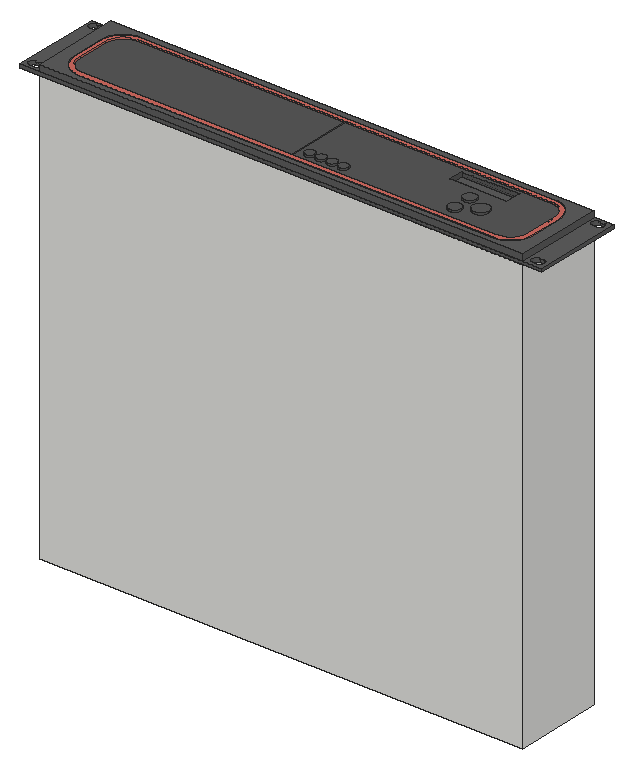
Revit family "Electronics_Amplifier_Biamp_Tesira_8-Channel-175W_AMP-8175R__", category Communication Devices, host Face, Revit 2020
Family settings
  Host = Face
  Maintain Annotation Orientation = No
  Round Connector Dimension = Use Diameter
  Part Type = Normal
  OmniClass Number = 23.85.10.11.14.14.17
  OmniClass Title = Sound Amplifiers
  Cut with Voids When Loaded = Yes
  Shared = No
  Room Calculation Point = No
Parameters (values of type "AMP-8175R")
  Width = 19.00"  # constant formula
  Weight = 20.60 lbf  # constant formula
  Voltage = 120 V
  URL = "https://www.biamp.com/"
  Temperature Range = "32 - 104° F (0 - 40° C)"  # constant formula
  THD+N = "20Hz-20kHz, at rated power: < 0.3%"  # constant formula
  Single Channel = "4 ohm, 8 ohm: 350W"  # constant formula
  Product data url = "https://www.bimobject.com/biamp/product/tesira-amp-8175r_amplifier"
  Product Page URL = "https://www.biamp.com/products/tesira-amplifiers#tesira-amp-8175r"
  Product Documentation Link = "https://downloads.biamp.com/assets/docs/default-source/data-sheets/biamp_data_sheet_tesira_amp-8175r_oct18.pdf"
  Power Factor = 1
  Optional Analog Cards = "Tesira EX-MOD cards: EIC-4, EIOC-4, EOC-4"  # constant formula
  Number of Poles = 1
  Number of Channels = "4"  # constant formula
  Model = "Tesira AMP-8175R"  # constant formula
  Minimum Operational Load = "2 ohm"  # constant formula
  Manufacturer = "Biamp"  # constant formula
  Humidity = "0-95% relative humidity (non-condensing)"  # constant formula
  Housing Material = Biamp - Metal - Silver
  Height = 3.50"  # constant formula
  Frequency Response = "± 1dB"  # constant formula
  Dynamic Range = "> 100dB"  # constant formula
  Dual AVB/TSN Input = "RJ-45 (CAT-5 or higher) inputs; primary and secondary"  # constant formula
  Description = "Tesira® AMP-8175R 8-Channel, 175W Amplifier"  # constant formula
  Depth = 17.39844"  # constant formula
  Default Elevation = 48.00"
  Current Draw = "5.5–2.3A"  # constant formula
  Current = 5.5 A
  Cooling = "Variable speed fan"  # constant formula
  Connector Description = "100-240VAC 50/60Hz"  # constant formula
  Compliance = "FCC Part 15B (USA) CE Marked (Europe) UL and C-UL listed (USA and Canada) RCM (Australia) EAC (Eurasian Customs Union) CCC (China) KCC (Korea) RoHS Directive (Europe)"  # constant formula
  Case = yes
  Bridged = "8 ohm: 700W"  # constant formula
  Balanced Input Impedance = "8 kohm"  # constant formula
  Assembly Code = ""
  Apparent Load = Current * Voltage  # 660 VA
  Altitude = "0-10,000 ft (0-3000m) MSL"  # constant formula
Reference planes (in)
  plane 1 "Center (Front/Back)": y = 0
  plane 2: z = 0
  plane 3 "Center (Left/Right)": x = 0
  plane 4: x = 19.76273
  plane 5: y = 1.43791
  plane 6: y = -1.52561
Forms (in)
  Extrusion 1, solid, material "Biamp - Metal - Silver" <- "Housing Material", visible <- "Case"
    sketch origin (9.88137, -1.79653, -8.32798) x (1, 0, 0) y (0, 0, -1)
      loop
        line (-9.5, 8.69922) -> (-9.5, -8.32798) -> (9.5, -8.32798) -> (9.5, 8.69922) -> (-9.5, 8.69922)
    from 0 to 3.5
  Extrusion 2, solid, material "Biamp - Metal - Black"
    sketch origin (9.88137, -1.79653, -8.32798) x (1, 0, 0) y (0, 0, -1)
      loop
        line (-9.5, -8.44922) -> (-9.5, -8.69922) -> (9.5, -8.69922) -> (9.5, -8.44922) -> (-9.5, -8.44922)
    from 0 to 3.5
  Extrusion 3, solid, material "Biamp - Metal - Black"
    sketch origin (9.88137, -1.79653, -8.32798) x (1, 0, 0) y (0, 1, 0)
      loop
        line (10.25, 3.5) -> (-10.25, 3.5) -> (-10.25, 0) -> (10.25, 0) -> (10.25, 3.5)
    from 8.32798 to 8.45
  Extrusion 4, void, detail levels medium+fine
    sketch origin (9.88137, -1.79653, -8.32798) x (1, 0, 0) y (0, 1, 0)
      loop
        arc (-9.7948, 3.07101) -> (-9.63137, 3.23444) -> (-9.7948, 3.39787) r 0.16343
        line (-9.7948, 3.39787) -> (-9.96794, 3.39787)
        arc (-9.96794, 3.39787) -> (-10.13137, 3.23444) -> (-9.96794, 3.07101) r 0.16343
        line (-9.96794, 3.07101) -> (-9.7948, 3.07101)
      loop
        arc (-9.96794, 0.43436) -> (-10.13137, 0.27093) -> (-9.96794, 0.1075) r 0.16343
        line (-9.96794, 0.1075) -> (-9.7948, 0.1075)
        arc (-9.7948, 0.1075) -> (-9.63137, 0.27093) -> (-9.7948, 0.43436) r 0.16343
        line (-9.7948, 0.43436) -> (-9.96794, 0.43436)
      loop
        arc (9.7948, 3.39787) -> (9.63137, 3.23444) -> (9.7948, 3.07101) r 0.16343
        line (9.7948, 3.07101) -> (9.96794, 3.07101)
        arc (9.96794, 3.07101) -> (10.13137, 3.23444) -> (9.96794, 3.39787) r 0.16343
        line (9.96794, 3.39787) -> (9.7948, 3.39787)
      loop
        arc (9.7948, 0.43436) -> (9.63137, 0.27093) -> (9.7948, 0.1075) r 0.16343
        line (9.7948, 0.1075) -> (9.96794, 0.1075)
        arc (9.96794, 0.1075) -> (10.13137, 0.27093) -> (9.96794, 0.43436) r 0.16343
        line (9.96794, 0.43436) -> (9.7948, 0.43436)
    from 8.32798 to 8.45
  Extrusion 5, solid, material "Biamp - Glass - Gray", detail levels medium+fine
    sketch origin (9.88137, -1.79653, -8.42105) x (1, 0, 0) y (0, 1, 0)
      loop
        line (7.01336, 2.93738) -> (4.76336, 2.93738) -> (4.76336, 2.31238) -> (7.01336, 2.31238) -> (7.01336, 2.93738)
    from 8.61104 to 8.74596
  Extrusion 6, solid, material "Biamp - Plastic - Black", detail levels medium+fine
    sketch origin (9.88137, -1.79653, -8.42105) x (1, 0, 0) y (0, 1, 0)
      loop
        circle (6.70697, 1.42245) r 0.30719
      loop
        circle (6.00161, 1.76362) r 0.25
      loop
        circle (6.01175, 1.00818) r 0.25
      loop
        circle (0.87632, 0.86436) r 0.18364
      loop
        circle (0.43882, 0.86436) r 0.18364
      loop
        circle (1.31382, 0.86436) r 0.18364
      loop
        circle (1.75132, 0.86436) r 0.18364
    from 8.74596 to 8.79228
  Extrusion 7, void
    sketch origin (0.38137, -1.79653, -17.0272) x (0, -1, 0) y (-1, 0, 0)
      loop
        line (-2.40764, -8.71853) -> (-2.40764, -9.63487) -> (-2.15764, -9.63487) -> (-2.15764, -8.71853) -> (-2.40764, -8.71853)
      loop
        line (-2.15764, -11.21853) -> (-2.65764, -11.21853) -> (-2.65764, -11.85362) -> (-2.15764, -11.85362) -> (-2.15764, -11.21853)
      loop
        line (-2.65764, -12.19152) -> (-2.65764, -12.82661) -> (-2.15764, -12.82661) -> (-2.15764, -12.19152) -> (-2.65764, -12.19152)
      loop
        line (-2.65764, -13.44152) -> (-2.65764, -14.07661) -> (-2.15764, -14.07661) -> (-2.15764, -13.44152) -> (-2.65764, -13.44152)
      loop
        line (-1.4216, -17.20698) -> (-1.4216, -18.58198) -> (-0.4841, -18.58198) -> (-0.4841, -17.20698) -> (-1.4216, -17.20698)
      loop
        line (-0.9841, -12.19152) -> (-0.9841, -12.82661) -> (-0.4841, -12.82661) -> (-0.4841, -12.19152) -> (-0.9841, -12.19152)
      loop
        line (-0.9841, -8.94152) -> (-0.9841, -9.57661) -> (-0.4841, -9.57661) -> (-0.4841, -8.94152) -> (-0.9841, -8.94152)
      loop
        line (-0.9841, -5.41027) -> (-0.9841, -6.04536) -> (-0.4841, -6.04536) -> (-0.4841, -5.41027) -> (-0.9841, -5.41027)
      loop
        line (-0.9841, -2.25402) -> (-0.9841, -2.88911) -> (-0.4841, -2.88911) -> (-0.4841, -2.25402) -> (-0.9841, -2.25402)
      loop
        line (-2.84514, -5.05061) -> (-2.84514, -4.35303) -> (-3.28264, -4.35303) -> (-3.28264, -5.05061) -> (-2.84514, -5.05061)
      loop
        line (-2.84514, -4.26512) -> (-2.84514, -3.56754) -> (-3.28264, -3.56754) -> (-3.28264, -4.26512) -> (-2.84514, -4.26512)
      loop
        line (-2.84514, -3.16358) -> (-2.84514, -2.466) -> (-3.28264, -2.466) -> (-3.28264, -3.16358) -> (-2.84514, -3.16358)
      loop
        line (-2.84514, -1.68051) -> (-3.28264, -1.68051) -> (-3.28264, -2.3781) -> (-2.84514, -2.3781) -> (-2.84514, -1.68051)
      loop
        line (-3.28264, -8.92741) -> (-3.28264, -9.625) -> (-2.84514, -9.625) -> (-2.84514, -8.92741) -> (-3.28264, -8.92741)
      loop
        line (-3.28264, -8.83951) -> (-2.84514, -8.83951) -> (-2.84514, -8.14192) -> (-3.28264, -8.14192) -> (-3.28264, -8.83951)
      loop
        line (-3.28264, -7.04039) -> (-3.28264, -7.73797) -> (-2.84514, -7.73797) -> (-2.84514, -7.04039) -> (-3.28264, -7.04039)
      loop
        line (-3.28264, -6.2549) -> (-3.28264, -6.95248) -> (-2.84514, -6.95248) -> (-2.84514, -6.2549) -> (-3.28264, -6.2549)
      loop
        line (-0.9841, -11.22277) -> (-0.9841, -11.85786) -> (-0.4841, -11.85786) -> (-0.4841, -11.22277) -> (-0.9841, -11.22277)
      loop
        line (-0.9841, -7.97277) -> (-0.9841, -8.60786) -> (-0.4841, -8.60786) -> (-0.4841, -7.97277) -> (-0.9841, -7.97277)
      loop
        line (-0.9841, -4.44152) -> (-0.9841, -5.07661) -> (-0.4841, -5.07661) -> (-0.4841, -4.44152) -> (-0.9841, -4.44152)
      loop
        line (-0.9841, -1.25402) -> (-0.9841, -1.88911) -> (-0.4841, -1.88911) -> (-0.4841, -1.25402) -> (-0.9841, -1.25402)
    from -0.15363 to 0
  Extrusion 8, solid, material "Biamp - Metal - Black", detail levels coarse
    sketch origin (9.88137, -1.79653, -8.32798) x (1, 0, 0) y (0, 0, -1)
      loop
        line (-9.5, -8.44922) -> (-9.5, -8.69922) -> (9.5, -8.69922) -> (9.5, -8.44922) -> (-9.5, -8.44922)
    from 0 to 3.5
  Extrusion 9, solid, material "Biamp - Metal - Black", detail levels coarse
    sketch origin (9.88137, -1.79653, -8.32798) x (1, 0, 0) y (0, 1, 0)
      loop
        line (-10.25, 3.5) -> (-10.25, 0) -> (10.25, 0) -> (10.25, 3.5) -> (-10.25, 3.5)
    from 8.32798 to 8.44922
  Extrusion 10, void
    sketch origin (0, 0, 0) x (1, 0, 0) y (0, 1, 0)
      loop
        line (17.98962, 1.46978) -> (1.77311, 1.46978)
        arc (1.77311, 1.46978) -> (1.14255, 1.20859) -> (0.88137, 0.57803) r 0.89175
        line (0.88137, 0.57803) -> (0.88137, -0.67041)
        arc (0.88137, -0.67041) -> (1.14255, -1.30097) -> (1.77311, -1.56216) r 0.89175
        line (1.77311, -1.56216) -> (17.98962, -1.56216)
        arc (17.98962, -1.56216) -> (18.62018, -1.30097) -> (18.88137, -0.67041) r 0.89175
        line (18.88137, -0.67041) -> (18.88137, 0.57803)
        arc (18.88137, 0.57803) -> (18.62018, 1.20859) -> (17.98962, 1.46978) r 0.89175
    from 0.37124 to 0.12124
  Extrusion 11, solid, material "Biamp - Plastic - Red", detail levels medium+fine
    sketch origin (0, 0, 0) x (1, 0, 0) y (0, 1, 0)
      loop
        arc (1.77311, 1.46978) -> (1.14255, 1.20859) -> (0.88137, 0.57803) r 0.89175
        line (0.88137, 0.57803) -> (0.88137, -0.67041)
        arc (0.88137, -0.67041) -> (1.14255, -1.30097) -> (1.77311, -1.56216) r 0.89175
        line (1.77311, -1.56216) -> (17.98962, -1.56216)
        arc (17.98962, -1.56216) -> (18.62018, -1.30097) -> (18.88137, -0.67041) r 0.89175
        line (18.88137, -0.67041) -> (18.88137, 0.57803)
        arc (18.88137, 0.57803) -> (18.62018, 1.20859) -> (17.98962, 1.46978) r 0.89175
        line (17.98962, 1.46978) -> (1.77311, 1.46978)
      loop
        line (18.71137, -0.67041) -> (18.71137, 0.57803)
        arc (18.71137, 0.57803) -> (18.49997, 1.08838) -> (17.98962, 1.29978) r 0.72175
        line (17.98962, 1.29978) -> (1.77311, 1.29978)
        arc (1.77311, 1.29978) -> (1.26276, 1.08838) -> (1.05137, 0.57803) r 0.72175
        line (1.05137, 0.57803) -> (1.05137, -0.67041)
        arc (1.05137, -0.67041) -> (1.26276, -1.18076) -> (1.77311, -1.39216) r 0.72175
        line (1.77311, -1.39216) -> (17.98962, -1.39216)
        arc (17.98962, -1.39216) -> (18.49997, -1.18076) -> (18.71137, -0.67041) r 0.72175
    from 0.37124 to 0.12202
  Extrusion 12, solid, material "Biamp - Plastic - Black", detail levels medium+fine
    sketch origin (0, 0, 0) x (1, 0, 0) y (0, 1, 0)
      loop
        line (9.95107, -1.39216) -> (17.98962, -1.39216)
        arc (17.98962, -1.39216) -> (18.49997, -1.18076) -> (18.71137, -0.67041) r 0.72175
        line (18.71137, -0.67041) -> (18.71137, 0.57803)
        arc (18.71137, 0.57803) -> (18.49997, 1.08838) -> (17.98962, 1.29978) r 0.72175
        line (17.98962, 1.29978) -> (9.95107, 1.29978) -> (9.95107, -1.39216)
      loop
        line (14.64473, 1.14084) -> (14.64473, 0.51584) -> (16.89473, 0.51584) -> (16.89473, 1.14084) -> (14.64473, 1.14084)
    from 0.12202 to 0.32491
  Extrusion 13, solid, material "Biamp - Plastic - Black(Grid)"
    sketch origin (0, 0, 0) x (1, 0, 0) y (0, 1, 0)
      loop
        line (1.05137, 0.57803) -> (1.05137, -0.67041)
        arc (1.05137, -0.67041) -> (1.26276, -1.18076) -> (1.77311, -1.39216) r 0.72175
        line (1.77311, -1.39216) -> (9.9046, -1.39216) -> (9.9046, 1.29978) -> (1.77311, 1.29978)
        arc (1.77311, 1.29978) -> (1.26276, 1.08838) -> (1.05137, 0.57803) r 0.72175
    from 0.12202 to 0.32491
Cuts and joins
  Extrusion 4 cuts Extrusion 3
  Extrusion 7 cuts Extrusion 1
  Extrusion 10 cuts Extrusion 2
Lines and regions (in)
  Masking region 1
    outline origin (0, 0, 0) x (1, 0, 0) y (0, 0, 1)
      loop
        line (-0.36863, 0) -> (0.38137, 0) -> (0.38137, -17.0272) -> (19.38137, -17.0272) -> (19.38137, 0) -> (20.13137, 0) -> (20.13137, 0.12124) -> (19.38137, 0.12124) -> (19.38137, 0.37124) -> (0.38137, 0.37124) -> (0.38137, 0.12124) -> (-0.36863, 0.12124) -> (-0.36863, 0)
  symbolic lines
    curve 1: line (-0.36863, 0, 0.12124) -> (20.13137, 0, 0.12124)
    curve 2: line (19.38137, 0, 0) -> (0.38137, 0, 0)
Dimensions and locks (in)
  aligned and locked: plane 2 to host face
  aligned and locked: level to host face
Connectors (in)
  electrical at (18.27585, -0.84368, -16.87357), driven by "Number of Poles", driven by "Voltage", driven by "Apparent Load", driven by "Power Factor", driven by "Connector Description"
    settings: on cut or joined group of Extrusion 1, Extrusion 7, index 1, voltage 120 V, apparent load 0 VA, apparent load phase1 660 VA, apparent load phase2 0 VA, apparent load phase3 0 VA, power factor 1, load classification "Other", number of poles 1, system type 31, power factor state 1, is connector primary yes, connector utility no, sub classification motor no, connector description "100-240VAC 50/60Hz"
  electrical at (14.14043, 0.6111, -16.87357)
    settings: on cut or joined group of Extrusion 1, Extrusion 7, index 2, voltage 0 V, apparent load 0 VA, apparent load phase1 0 VA, apparent load phase2 0 VA, apparent load phase3 0 VA, power factor 1, load classification "Other", number of poles 1, system type 5, power factor state 1, is connector primary no, connector utility no, sub classification motor no, connector description "RJ-45; Control"
  electrical at (12.89043, 0.6111, -16.87357)
    settings: on cut or joined group of Extrusion 1, Extrusion 7, index 3, voltage 0 V, apparent load 0 VA, apparent load phase1 0 VA, apparent load phase2 0 VA, apparent load phase3 0 VA, power factor 1, load classification "Other", number of poles 1, system type 5, power factor state 1, is connector primary no, connector utility no, sub classification motor no, connector description "RJ-45; AVB Primary"
  electrical at (11.91744, 0.6111, -16.87357)
    settings: on cut or joined group of Extrusion 1, Extrusion 7, index 4, voltage 0 V, apparent load 0 VA, apparent load phase1 0 VA, apparent load phase2 0 VA, apparent load phase3 0 VA, power factor 1, load classification "Other", number of poles 1, system type 5, power factor state 1, is connector primary no, connector utility no, sub classification motor no, connector description "RJ-45; AVB Secondary"
  electrical at (12.89043, -1.06243, -16.87357)
    settings: on cut or joined group of Extrusion 1, Extrusion 7, index 5, voltage 0 V, apparent load 0 VA, apparent load phase1 0 VA, apparent load phase2 0 VA, apparent load phase3 0 VA, power factor 1, load classification "Other", number of poles 1, system type 5, power factor state 1, is connector primary no, connector utility no, sub classification motor no, connector description "AMP Output; 8"
  electrical at (9.64043, -1.06243, -16.87357)
    settings: on cut or joined group of Extrusion 1, Extrusion 7, index 6, voltage 0 V, apparent load 0 VA, apparent load phase1 0 VA, apparent load phase2 0 VA, apparent load phase3 0 VA, power factor 1, load classification "Other", number of poles 1, system type 5, power factor state 1, is connector primary no, connector utility no, sub classification motor no, connector description "AMP Output; 6"
  electrical at (9.55806, 0.4861, -16.87357)
    settings: on cut or joined group of Extrusion 1, Extrusion 7, index 7, voltage 0 V, apparent load 0 VA, apparent load phase1 0 VA, apparent load phase2 0 VA, apparent load phase3 0 VA, power factor 1, load classification "Other", number of poles 1, system type 5, power factor state 1, is connector primary no, connector utility no, sub classification motor no, connector description "Logic I/O"
  electrical at (6.10918, -1.06243, -16.87357)
    settings: on cut or joined group of Extrusion 1, Extrusion 7, index 8, voltage 0 V, apparent load 0 VA, apparent load phase1 0 VA, apparent load phase2 0 VA, apparent load phase3 0 VA, power factor 1, load classification "Other", number of poles 1, system type 5, power factor state 1, is connector primary no, connector utility no, sub classification motor no, connector description "AMP Output; 4"
  electrical at (5.08319, 1.26735, -16.87357)
    settings: on cut or joined group of Extrusion 1, Extrusion 7, index 9, voltage 0 V, apparent load 0 VA, apparent load phase1 0 VA, apparent load phase2 0 VA, apparent load phase3 0 VA, power factor 1, load classification "Other", number of poles 1, system type 5, power factor state 1, is connector primary no, connector utility no, sub classification motor no, connector description "Analog Audio Input 4"
  electrical at (4.2977, 1.26735, -16.87357)
    settings: on cut or joined group of Extrusion 1, Extrusion 7, index 10, voltage 0 V, apparent load 0 VA, apparent load phase1 0 VA, apparent load phase2 0 VA, apparent load phase3 0 VA, power factor 1, load classification "Other", number of poles 1, system type 5, power factor state 1, is connector primary no, connector utility no, sub classification motor no, connector description "Analog Audio Input 3"
  electrical at (3.19616, 1.26735, -16.87357)
    settings: on cut or joined group of Extrusion 1, Extrusion 7, index 11, voltage 0 V, apparent load 0 VA, apparent load phase1 0 VA, apparent load phase2 0 VA, apparent load phase3 0 VA, power factor 1, load classification "Other", number of poles 1, system type 5, power factor state 1, is connector primary no, connector utility no, sub classification motor no, connector description "Analog Audio Input 2"
  electrical at (2.41067, 1.26735, -16.87357)
    settings: on cut or joined group of Extrusion 1, Extrusion 7, index 12, voltage 0 V, apparent load 0 VA, apparent load phase1 0 VA, apparent load phase2 0 VA, apparent load phase3 0 VA, power factor 1, load classification "Other", number of poles 1, system type 5, power factor state 1, is connector primary no, connector utility no, sub classification motor no, connector description "Analog Audio Input 1"
  electrical at (2.95293, -1.06243, -16.87357)
    settings: on cut or joined group of Extrusion 1, Extrusion 7, index 13, voltage 0 V, apparent load 0 VA, apparent load phase1 0 VA, apparent load phase2 0 VA, apparent load phase3 0 VA, power factor 1, load classification "Other", number of poles 1, system type 5, power factor state 1, is connector primary no, connector utility no, sub classification motor no, connector description "AMP Output; 2"
  electrical at (9.65757, 1.26735, -16.87357)
    settings: on cut or joined group of Extrusion 1, Extrusion 7, index 14, voltage 0 V, apparent load 0 VA, apparent load phase1 0 VA, apparent load phase2 0 VA, apparent load phase3 0 VA, power factor 1, load classification "Other", number of poles 1, system type 5, power factor state 1, is connector primary no, connector utility no, sub classification motor no, connector description "Analog Audio Output 8"
  electrical at (8.87208, 1.26735, -16.87357)
    settings: on cut or joined group of Extrusion 1, Extrusion 7, index 15, voltage 0 V, apparent load 0 VA, apparent load phase1 0 VA, apparent load phase2 0 VA, apparent load phase3 0 VA, power factor 1, load classification "Other", number of poles 1, system type 5, power factor state 1, is connector primary no, connector utility no, sub classification motor no, connector description "Analog Audio Output 7"
  electrical at (7.77054, 1.26735, -16.87357)
    settings: on cut or joined group of Extrusion 1, Extrusion 7, index 16, voltage 0 V, apparent load 0 VA, apparent load phase1 0 VA, apparent load phase2 0 VA, apparent load phase3 0 VA, power factor 1, load classification "Other", number of poles 1, system type 5, power factor state 1, is connector primary no, connector utility no, sub classification motor no, connector description "Analog Audio Output 6"
  electrical at (6.98506, 1.26735, -16.87357)
    settings: on cut or joined group of Extrusion 1, Extrusion 7, index 17, voltage 0 V, apparent load 0 VA, apparent load phase1 0 VA, apparent load phase2 0 VA, apparent load phase3 0 VA, power factor 1, load classification "Other", number of poles 1, system type 5, power factor state 1, is connector primary no, connector utility no, sub classification motor no, connector description "Analog Audio Output 5"
  electrical at (5.14043, -1.06243, -16.87357)
    settings: on cut or joined group of Extrusion 1, Extrusion 7, index 18, voltage 0 V, apparent load 0 VA, apparent load phase1 0 VA, apparent load phase2 0 VA, apparent load phase3 0 VA, power factor 1, load classification "Other", number of poles 1, system type 5, power factor state 1, is connector primary no, connector utility no, sub classification motor no, connector description "AMP Output; 3"
  electrical at (1.95293, -1.06243, -16.87357)
    settings: on cut or joined group of Extrusion 1, Extrusion 7, index 19, voltage 0 V, apparent load 0 VA, apparent load phase1 0 VA, apparent load phase2 0 VA, apparent load phase3 0 VA, power factor 1, load classification "Other", number of poles 1, system type 5, power factor state 1, is connector primary no, connector utility no, sub classification motor no, connector description "AMP Output; 1"
  electrical at (11.92168, -1.06243, -16.87357)
    settings: on cut or joined group of Extrusion 1, Extrusion 7, index 20, voltage 0 V, apparent load 0 VA, apparent load phase1 0 VA, apparent load phase2 0 VA, apparent load phase3 0 VA, power factor 1, load classification "Other", number of poles 1, system type 5, power factor state 1, is connector primary no, connector utility no, sub classification motor no, connector description "AMP Output; 7"
  electrical at (8.67168, -1.06243, -16.87357)
    settings: on cut or joined group of Extrusion 1, Extrusion 7, index 21, voltage 0 V, apparent load 0 VA, apparent load phase1 0 VA, apparent load phase2 0 VA, apparent load phase3 0 VA, power factor 1, load classification "Other", number of poles 1, system type 5, power factor state 1, is connector primary no, connector utility no, sub classification motor no, connector description "AMP Output; 5"
